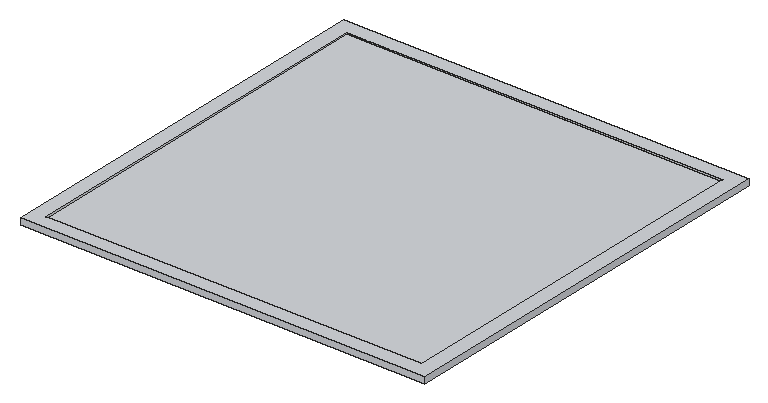
Revit family "595x595_START Panel Backlit UGR19 - Copy (2) - Copy - Copy", category Lighting Fixtures, host Face, Revit 2017
Family settings
  Host = Face
  Round Connector Dimension = Use Diameter
  Part Type = Normal
  OmniClass Number = 23.80.70.00
  OmniClass Title = Lighting
  Cut with Voids When Loaded = No
  Light Source = Yes
  Shared = No
  Room Calculation Point = No
Parameters (values of type "0042187")
  Weight = "119.34 kg"
  Wattage Comments = ""
  Wattage = 36 W
  WarrantyStartDate [instance] = "n/a"
  WarrantyGuarantorParts = "n/a"
  WarrantyDurationUnit = "n/a"
  WarrantyDurationParts = "n/a"
  WarrantyDescription = "n/a"
  WIDTH_SYL = 297.5 mm
  built-in parameter 1150110 = 1 (stored number, unit not read)
  Voltage = 0 V
  URL = "http://www.sylvania-lighting.com"
  TypeName = "0042187 ST PANEL UGR19 600X600 4000LM 840 LILO"
  Type Image = <None>
  Type Comments = "n/a"
  built-in parameter 1114217 = 1 (stored number, unit not read)
  Tilt Angle = -90.00°
  built-in parameter 1150109 = 1 (stored number, unit not read)
  built-in parameter 1150134 = 12
  TOPWIDTH_SYL = 245 mm
  built-in parameter 1150113 = 1 (stored number, unit not read)
  SerialNumber [instance] = "n/a"
  Photometric Web File = "0042187.ies"
  Material_3_SYL = none
  PowerFactor = 0.9
  PowerConsumption = "36 W"
  NominalLength = 595 mm
  NominalHeight = 35 mm
  NominalDepth = 595 mm
  Name = "START Panel UGR19 600x600 4000Lm 840 LILO"
  ModelReference = Name  # "START Panel UGR19 600x600 4000Lm 840 LILO"
  ModelNumber = "0042187"
  Model = Name  # "START Panel UGR19 600x600 4000Lm 840 LILO"
  Material = "aluminium,steel housing, other diffuser"
  ManufacturerName = "Feilo Sylvania"
  Manufacturer = "Feilo Sylvania"
  MAINHEIGHT_SYL = 63 mm
  LuminousEfficacy = "111 lm/W"
  built-in parameter 1150105 = 317.99 (stored number, unit not read)
  Lumens = 3996 lm
  LuminaireType = ""
  built-in parameter 1150115 = 1 (stored number, unit not read)
  LightOutputRatio = ""
  built-in parameter 1150137 = (empty or 0)
  built-in parameter 1150139 = (empty or 0)
  LampsType = Lamp  # "LED"
  LampNominalLuminous = "4000 lm"
  LampMacAdamStep = "6"
  LampColourTemperature = "4000 K"
  LampColourRenderingIndex = "80"
  built-in parameter 1150112 = 1 (stored number, unit not read)
  built-in parameter 1150114 = 1 (stored number, unit not read)
  Lamp = "LED"
  LUMWIDTH_SYL = 276.5 mm
  LUMDEPTH_SYL = 276.5 mm
  Keynote = "16500"
  InstallationDate [instance] = "n/a"
  InputVoltage = ""
  InputNominalFrequency = ""
  built-in parameter 1150132 = (empty or 0)
  built-in parameter 1150102 = (empty or 0)
  built-in parameter 1150107 = 4000 (stored number, unit not read)
  built-in parameter 1150138 = (empty or 0)
  IngressProtection = "IP40/20"
  ImpactProtectionIndex = "IK03"
  built-in parameter 1150106 = 3.1799 (stored number, unit not read)
  IfcExportType = "IfcLightFixtureType"
  IfcExportAs = "IfcLightFixtureType"
  HEIGHT_SYL = 33 mm
  HEIGHTBOTT_SYL = 7 mm
  Emit from Circle Diameter = 609.6 mm
  Emit Shape Visible in Rendering = no
  ElectricShockClassification = "Class II"
  built-in parameter 1150104 = 10.312 (stored number, unit not read)
  DocumentationLiterature = "http://www.sylvania-lighting.com/product/en-int/products/0042187"
  DimmingControlOptions = "n/a"
  Material_2_SYL = none
  Dimming Lamp Color Temperature Shift = <None>
  Description = ""
  Default Elevation = 1219.2 mm
  DEPTH_SYL = 297.5 mm
  CreatedOn = "7/3/2020"
  CreatedBy = "@sylvania-lighting.com"
  Cost = 0
  Color Filter = 16777215
  built-in parameter 1114216 [instance] = (empty or 0)
  ClassificationValue = "EF_70_80"
  ClassificationName = "Uniclass2015"
  Material_1_SYL = none
  BarCode [instance] = "n/a"
  built-in parameter 1114218 = 1 (stored number, unit not read)
  BOX_WIDTH_SYL = 40 mm
  built-in parameter 1150133 = 10 (stored number, unit not read)
  AssetType = "Fixed"
  AssetIdentifier [instance] = "n/a"
  Assembly Code = "D5020200"
  Apparent Load = 36 VA
  Material_4_SYL = none
  -LUMDEPTH_SYL = LUMDEPTH_SYL * (-1)  # -276.5 mm
Reference planes
  plane 1 "Center (Front/Back)": y = 0
  plane 2: z = 0
  plane 3 "Center (Left/Right)": x = 0
  plane 4: x = -297.5
  plane 5: x = 297.5
  plane 6: y = 297.5
  plane 7: y = -297.5
  plane 8: x = 276.5
  plane 9: x = -276.5
  plane 10: y = 276.5
  plane 11: y = -276.5
  plane 12: z = -33
  plane 13: z = -7
  plane 14: x = -245
  plane 15: x = 245
  plane 16: y = -245
  plane 17: y = 245
  plane 18: y = 276.5
  plane 19: y = -276.5
  plane 20: z = -63
  plane 21: x = -40
  plane 22: x = 40
Forms (mm)
  Extrusion 1, solid
    sketch origin (0, 0, 0) x (1, 0, 0) y (0, 1, 0)
      loop
        line (-297.5, 297.5) -> (-297.5, -297.5) -> (297.5, -297.5) -> (297.5, 297.5) -> (-297.5, 297.5)
    from -7 to 2
  Extrusion 2, void
    sketch origin (0, 0, 0) x (1, 0, 0) y (0, 1, 0)
      loop
        line (-276.5, 276.5) -> (-276.5, -276.5) -> (276.5, -276.5) -> (276.5, 276.5) -> (-276.5, 276.5)
    from 0 to 10
  Extrusion 3, solid
    sketch origin (0, 0, 0) x (1, 0, 0) y (0, 0, 1)
      loop
        line (-276.5, -7) -> (-245, -33) -> (245, -33) -> (276.5, -7) -> (-276.5, -7)
    from -276.5 <- "-LUMDEPTH_SYL" to 276.5 <- "LUMDEPTH_SYL"
  Extrusion 4, void
    sketch origin (319, 1524, 1219.2) x (0, 1, 0) y (0, 0, 1)
      loop
        line (-1279, -1252.2) -> (-1247.5, -1252.2) -> (-1247.5, -1226.2) -> (-1279, -1252.2)
      loop
        line (-1800.5, -1226.2) -> (-1800.5, -1252.2) -> (-1769, -1252.2) -> (-1800.5, -1226.2)
    from -1000 to 1000
  Extrusion 5, solid
    sketch origin (0, 0, 0) x (1, 0, 0) y (0, 0, 1)
      loop
        line (-40, -33) -> (-40, -63) -> (40, -63) -> (40, -33) -> (-40, -33)
    from -40 to 40
Cuts and joins
  Extrusion 2 cuts Extrusion 1
  Extrusion 4 cuts Extrusion 3
Dimensions and locks
  "WIDTH_SYL": plane 4 to plane 3 "Center (Left/Right)" to plane 5
  "DEPTH_SYL": plane 7 to plane 1 "Center (Front/Back)" to plane 6
  "LUMWIDTH_SYL": plane 9 to plane 3 "Center (Left/Right)" to plane 8
  "LUMDEPTH_SYL": plane 11 to plane 1 "Center (Front/Back)" to plane 10
  "HEIGHT_SYL": host face to plane 12
  "HEIGHTBOTT_SYL": host face to plane 13
  "TOPWIDTH_SYL": plane 14 to imposter light to plane 15
  "TOPWIDTH_SYL": plane 17 to imposter light to plane 16
  "LUMWIDTH_SYL": plane 18 to imposter light to plane 19
  "MAINHEIGHT_SYL": host face to plane 20
  "BOX_WIDTH_SYL": plane 21 to imposter light to plane 22
  Extrusion 5 sketch curve to Extrusion 5 sketch curve to plane 13 = 30 mm, 26 mm
  aligned and locked: plane 2 to host face
  aligned and locked: level to host face
  aligned and locked: plane 6 to Extrusion 1 sketch curve
  aligned and locked: plane 4 to Extrusion 1 sketch curve
  aligned and locked: Extrusion 1 sketch curve to plane 7
  aligned and locked: Extrusion 1 sketch curve to plane 5
  aligned and locked: plane 10 to Extrusion 2 sketch curve
  aligned and locked: Extrusion 2 sketch curve to plane 9
  aligned and locked: Extrusion 2 sketch curve to plane 11
  aligned and locked: plane 8 to Extrusion 2 sketch curve
  aligned and locked: Extrusion 5 sketch curve to plane 21
  aligned and locked: plane 22 to Extrusion 5 sketch curve
Automatic sketch dimensions
  host sketch curve to host sketch curve = 2438.4 mm  (x2)
  plane 9 to Extrusion 3 sketch curve = 0 mm
  Extrusion 3 sketch curve to plane 12 = 0 mm
  plane 14 to Extrusion 3 sketch curve = 0 mm
  plane 15 to Extrusion 3 sketch curve = 0 mm
  plane 8 to Extrusion 3 sketch curve = 0 mm
  Extrusion 3 sketch curve to plane 13 = 0 mm
  Extrusion 4 sketch curve to plane 11 = 0 mm
  plane 12 to Extrusion 4 sketch curve = 0 mm  (x2)
  Extrusion 4 sketch curve to plane 16 = 0 mm
  Extrusion 4 sketch curve to plane 17 = 0 mm
  Extrusion 4 sketch curve to plane 10 = 0 mm
  plane 13 to Extrusion 4 sketch curve = 0 mm  (x2)
